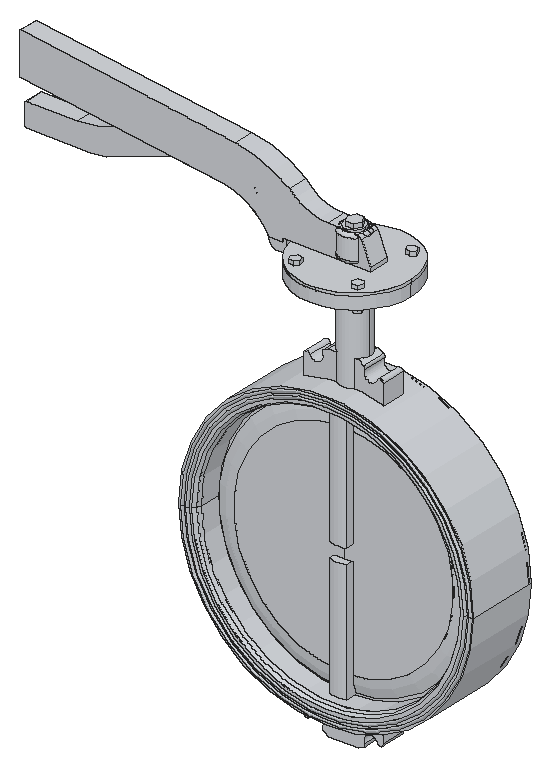
Revit family "R59WX015", category Plumbing Fixtures, Revit 2015
Reference planes
  plane 1 "Center (Front/Back)": y = 0
  plane 2: z = 0
  plane 3 "Center (Left/Right)": x = 0
  plane 4: z = 202
  plane 5: x = -260
  plane 6: z = 279
  plane 7: z = -132
  plane 8: z = -30
  plane 9: z = 232
  plane 10: y = -28.488
  plane 11: y = 28.012
Forms (mm)
  Extrusion 1, solid
    sketch origin (0, 0, 192) x (1, 0, 0) y (0, 1, 0)
      loop
        circle (0, 0) r 45
    from 0 to 10
  Extrusion 2, solid
    sketch origin (0, 0, -76.95) x (1, 0, 0) y (0, 1, 0)
      loop
        circle (0, 0) r 12
    from 189.916 to 268.95
  Revolve 3, solid
    sketch origin (0, 0, 0) x (0, 1, 0) y (0, 0, 1)
      loop
        line (11.11, 0) -> (-11.11, 0) -> (-11.11, -87.859)
        arc (-11.11, -87.859) -> (-10.226, -95.008) -> (-8, -101.859) r 37.743
        line (-8, -101.859) -> (-6, -101.859) -> (-6, -104.859) -> (0, -104.859) -> (6, -104.859) -> (6, -101.859) -> (8, -101.859)
        arc (8, -101.859) -> (10.226, -95.008) -> (11.11, -87.859) r 37.743
        line (11.11, -87.859) -> (11.11, 0)
      axis (11.11, 0) -> (-11.11, 0)
    angle from 0 to 360
  Blend 4, solid
    base sketch origin (0, 0, -4.163) x (1, 0, 0) y (0, 1, 0)
      loop
        line (-6.883, 16.4) -> (-6.883, -16.4)
        arc (-6.883, -16.4) -> (0, -18.078) -> (6.883, -16.4) r 14.953
        line (6.883, -16.4) -> (6.883, 16.4)
        arc (6.883, 16.4) -> (0, 18.078) -> (-6.883, 16.4) r 14.953
    top sketch origin (0, 0, 0) x (1, 0, 0) y (0, 1, 0)
      loop
        line (-6.883, 16.4) -> (-6.883, -16.4)
        arc (-6.883, -16.4) -> (0, -18.078) -> (6.883, -16.4) r 14.953
        line (6.883, -16.4) -> (6.883, 16.4)
        arc (6.883, 16.4) -> (0, 18.078) -> (-6.883, 16.4) r 14.953
    from 10.163 to 101.689
  Blend 5, solid
    base sketch origin (0, 0, -38.601) x (0, -1, 0) y (1, 0, 0)
      loop
        line (-16.4, -6.883) -> (16.4, -6.883)
        arc (16.4, -6.883) -> (18.078, 0) -> (16.4, 6.883) r 14.953
        line (16.4, 6.883) -> (-16.4, 6.883)
        arc (-16.4, 6.883) -> (-18.078, 0) -> (-16.4, -6.883) r 14.953
    top sketch origin (0, 0, -35.117) x (0, -1, 0) y (1, 0, 0)
      loop
        line (-16.4, -6.883) -> (16.4, -6.883)
        arc (16.4, -6.883) -> (18.078, 0) -> (16.4, 6.883) r 14.953
        line (16.4, 6.883) -> (-16.4, 6.883)
        arc (-16.4, 6.883) -> (-18.078, 0) -> (-16.4, -6.883) r 14.953
    from -63.702 to 29.117
  Extrusion 6, solid
    sketch origin (99.126, -27.447, 204) x (0, -1, 0) y (1, 0, 0)
      loop
        line (3.99, -123.113) -> (0.805, -120.344) -> (-3.184, -121.718) -> (-3.99, -125.86) -> (-0.805, -128.628) -> (3.184, -127.254) -> (3.99, -123.113)
    from 0 to 3
  Extrusion 7, solid
    sketch origin (99.126, -27.447, 184) x (0, -1, 0) y (1, 0, 0)
      loop
        circle (0, -124.486) r 3
    from 2.505 to 20
  Extrusion 8, solid
    sketch origin (99.126, -27.447, 191) x (0, -1, 0) y (1, 0, 0)
      loop
        line (3.99, -123.113) -> (0.805, -120.344) -> (-3.184, -121.718) -> (-3.99, -125.86) -> (-0.805, -128.628) -> (3.184, -127.254) -> (3.99, -123.113)
      loop
        line (-3.444, -125.672) -> (-0.695, -128.061) -> (2.749, -126.876) -> (3.444, -123.301) -> (0.695, -120.911) -> (-2.749, -122.097) -> (-3.444, -125.672)
    from -1.968 to 1
  Extrusion 9, solid, not visible
    sketch origin (26.117, -96.518, 104.233) x (0, -1, 0) y (1, 0, 0)
      loop
        line (3.99, -123.113) -> (0.805, -120.344) -> (-3.184, -121.718) -> (-3.99, -125.86) -> (-0.805, -128.628) -> (3.184, -127.254) -> (3.99, -123.113)
    from 0 to 3
  Extrusion 10, solid, not visible
    sketch origin (26.117, -96.518, 84.233) x (0, -1, 0) y (1, 0, 0)
      loop
        circle (0, -124.486) r 3
    from 2.505 to 20
  Extrusion 11, solid, not visible
    sketch origin (26.117, -96.518, 91.233) x (0, -1, 0) y (1, 0, 0)
      loop
        line (3.99, -123.113) -> (0.805, -120.344) -> (-3.184, -121.718) -> (-3.99, -125.86) -> (-0.805, -128.628) -> (3.184, -127.254) -> (3.99, -123.113)
      loop
        line (-3.444, -125.672) -> (-0.695, -128.061) -> (2.749, -126.876) -> (3.444, -123.301) -> (0.695, -120.911) -> (-2.749, -122.097) -> (-3.444, -125.672)
    from -1.968 to 1
  Extrusion 12, solid
    sketch origin (0, 0, 202) x (1, 0, 0) y (0, 1, 0)
      loop
        circle (0, 0) r 45
    from 0 to 2
  Extrusion 13, solid
    sketch origin (99.126, -27.447, 204) x (0, -1, 0) y (1, 0, 0)
      loop
        line (-58.884, -123.113) -> (-58.079, -127.254) -> (-54.09, -128.628) -> (-50.905, -125.86) -> (-51.71, -121.718) -> (-55.7, -120.344) -> (-58.884, -123.113)
    from 0 to 3
  Extrusion 14, solid
    sketch origin (99.126, -27.447, 184) x (0, -1, 0) y (1, 0, 0)
      loop
        circle (-54.895, -124.486) r 3
    from 2.505 to 20
  Extrusion 15, solid
    sketch origin (99.126, -27.447, 191) x (0, -1, 0) y (1, 0, 0)
      loop
        line (-58.884, -123.113) -> (-58.079, -127.254) -> (-54.09, -128.628) -> (-50.905, -125.86) -> (-51.71, -121.718) -> (-55.7, -120.344) -> (-58.884, -123.113)
      loop
        line (-51.451, -125.672) -> (-52.146, -122.097) -> (-55.59, -120.911) -> (-58.339, -123.301) -> (-57.644, -126.876) -> (-54.2, -128.061) -> (-51.451, -125.672)
    from -1.968 to 1
  Extrusion 16, solid
    sketch origin (-100.376, 27.447, 204) x (0, 1, 0) y (-1, 0, 0)
      loop
        line (-58.884, -123.113) -> (-58.079, -127.254) -> (-54.09, -128.628) -> (-50.905, -125.86) -> (-51.71, -121.718) -> (-55.7, -120.344) -> (-58.884, -123.113)
    from 0 to 3
  Extrusion 17, solid
    sketch origin (-100.376, 27.447, 184) x (0, 1, 0) y (-1, 0, 0)
      loop
        circle (-54.895, -124.486) r 3
    from 2.505 to 20
  Extrusion 18, solid
    sketch origin (-100.376, 27.447, 191) x (0, 1, 0) y (-1, 0, 0)
      loop
        line (-58.884, -123.113) -> (-58.079, -127.254) -> (-54.09, -128.628) -> (-50.905, -125.86) -> (-51.71, -121.718) -> (-55.7, -120.344) -> (-58.884, -123.113)
      loop
        line (-51.451, -125.672) -> (-52.146, -122.097) -> (-55.59, -120.911) -> (-58.339, -123.301) -> (-57.644, -126.876) -> (-54.2, -128.061) -> (-51.451, -125.672)
    from -1.968 to 1
  Extrusion 19, solid
    sketch origin (-100.376, 27.447, 204) x (0, 1, 0) y (-1, 0, 0)
      loop
        line (3.99, -123.113) -> (0.805, -120.344) -> (-3.184, -121.718) -> (-3.99, -125.86) -> (-0.805, -128.628) -> (3.184, -127.254) -> (3.99, -123.113)
    from 0 to 3
  Extrusion 20, solid
    sketch origin (-100.376, 27.447, 184) x (0, 1, 0) y (-1, 0, 0)
      loop
        circle (0, -124.486) r 3
    from 2.505 to 20
  Extrusion 21, solid
    sketch origin (-100.376, 27.447, 191) x (0, 1, 0) y (-1, 0, 0)
      loop
        line (3.99, -123.113) -> (0.805, -120.344) -> (-3.184, -121.718) -> (-3.99, -125.86) -> (-0.805, -128.628) -> (3.184, -127.254) -> (3.99, -123.113)
      loop
        line (-3.444, -125.672) -> (-0.695, -128.061) -> (2.749, -126.876) -> (3.444, -123.301) -> (0.695, -120.911) -> (-2.749, -122.097) -> (-3.444, -125.672)
    from -1.968 to 1
  Extrusion 22, solid
    sketch origin (125.063, -27.447, 229.144) x (0, -1, 0) y (1, 0, 0)
      loop
        line (-32.638, -122.069) -> (-32.638, -128.062) -> (-27.447, -131.059) -> (-22.257, -128.062) -> (-22.257, -122.069) -> (-27.447, -119.072) -> (-32.638, -122.069)
    from -1.014 to 2.856
  Extrusion 23, solid
    sketch origin (124.477, -54.895, 224.2) x (0, -1, 0) y (1, 0, 0)
      loop
        circle (-54.895, -124.486) r 8
    from -22.2 to 3.931
  Sweep 24, solid
    path origin (0, 0, 0) x (1, 0, 0) y (0, 0, 1)
      loop
        circle (0, 0) r 118
    profile origin (0, 0, -118) x (0, 0, 1) y (0, -1, 0)
      loop
        line (13.454, -22.173) -> (13.454, 22.649) -> (12.517, 26.146) -> (10.888, 28.488) -> (8.03, 28.488)
        arc (8.03, 28.488) -> (7.017, 29.502) -> (6.003, 28.488) r 1.014
        line (6.003, 28.488) -> (3.792, 28.488)
        arc (3.792, 28.488) -> (2.779, 29.502) -> (1.765, 28.488) r 1.014
        line (1.765, 28.488) -> (0, 28.488) -> (0, -28.012) -> (1.765, -28.012)
        arc (1.765, -28.012) -> (2.779, -29.026) -> (3.792, -28.012) r 1.014
        line (3.792, -28.012) -> (6.003, -28.012)
        arc (6.003, -28.012) -> (7.017, -29.026) -> (8.03, -28.012) r 1.014
        line (8.03, -28.012) -> (10.888, -28.012) -> (12.517, -25.67) -> (13.454, -22.173)
  Revolve 25, solid
    sketch origin (0, 0, 62) x (1, 0, 0) y (0, 0, 1)
      loop
        line (-9.486, 143.746) -> (0, 143.746) -> (0, 165) -> (-9.486, 165)
        arc (-9.486, 165) -> (-11.259, 164.265) -> (-11.994, 162.492) r 2.508
        line (-11.994, 162.492) -> (-11.994, 146.254)
        arc (-11.994, 146.254) -> (-11.259, 144.481) -> (-9.486, 143.746) r 2.508
      axis (0, 143.746) -> (0, 165)
    angle from 0 to 360
  Extrusion 26, solid
    sketch origin (-1.027, 45.948, -78.573) x (1, 0, 0) y (0, 0, 1)
      loop
        arc (-14.408, 305.574) -> (-31.009, 309.172) -> (-44.632, 319.319) r 40.102
        arc (-44.632, 319.319) -> (-64.682, 331.561) -> (-87.387, 337.59) r 81.686
        line (-87.387, 337.59) -> (-259.322, 357.495)
        arc (-259.322, 357.495) -> (-259.796, 357.345) -> (-260, 356.891) r 0.608
        line (-260, 356.891) -> (-260, 323.702) -> (-98.154, 304.965)
        arc (-98.154, 304.965) -> (-76.145, 296.857) -> (-60.289, 279.573) r 49.8
        line (-60.289, 279.573) -> (-50.289, 279.573) -> (-50.289, 282.573) -> (19.968, 282.573) -> (19.968, 285.573) -> (12.794, 303.329)
        arc (12.794, 303.329) -> (11.475, 304.959) -> (9.47, 305.574) r 3.591
        line (9.47, 305.574) -> (-14.408, 305.574)
    from 37.966 to 54.11
  Extrusion 27, solid
    sketch origin (-38.81, 45.948, -153.087) x (1, 0, 0) y (0, 0, 1)
      loop
        arc (-22.093, 349.062) -> (-20.549, 347.09) -> (-18.159, 346.344) r 4.207
        line (-18.159, 346.344) -> (-9.636, 346.344) -> (-9.636, 357.087) -> (-17.519, 357.087)
        arc (-17.519, 357.087) -> (-19.393, 357.527) -> (-20.874, 358.756) r 4.207
        line (-20.874, 358.756) -> (-36.673, 388.468)
        arc (-36.673, 388.468) -> (-42.926, 395.877) -> (-51.675, 400.052) r 23.006
        line (-51.675, 400.052) -> (-121.464, 408.132)
        arc (-121.464, 408.132) -> (-146.554, 389.335) -> (-177.106, 382.301) r 75.785
        line (-177.106, 382.301) -> (-217.214, 382.301)
        arc (-217.214, 382.301) -> (-218.486, 381.806) -> (-219.141, 380.609) r 1.995
        line (-219.141, 380.609) -> (-219.141, 365.458)
        arc (-219.141, 365.458) -> (-218.486, 364.261) -> (-217.214, 363.766) r 1.995
        line (-217.214, 363.766) -> (-165.969, 363.766)
        arc (-165.969, 363.766) -> (-159.476, 364.161) -> (-153.041, 365.112) r 75.785
        line (-153.041, 365.112) -> (-102.034, 383.677) -> (-60.442, 378.862)
        arc (-60.442, 378.862) -> (-37.124, 369.314) -> (-22.17, 349.033) r 46.662
    from 38.356 to 53.486
  Extrusion 28, solid
    sketch origin (-3.836, 0.293, -57.245) x (1, 0, 0) y (0, 0, 1)
      loop
        arc (18.871, -79.288) -> (19.767, -78.006) -> (19.652, -76.455) r 2.274
        arc (19.652, -76.455) -> (22.463, -69.087) -> (29.701, -72.217) r 5.458
        arc (29.701, -72.217) -> (32.458, -73.974) -> (34.596, -71.501) r 2.5
        line (34.596, -71.501) -> (34.596, -55.391)
        arc (34.596, -55.391) -> (2.811, -60.393) -> (-28.974, -55.391) r 103.488
        line (-28.974, -55.391) -> (-28.974, -71.501)
        arc (-28.974, -71.501) -> (-26.836, -73.974) -> (-24.079, -72.217) r 2.5
        arc (-24.079, -72.217) -> (-16.841, -69.087) -> (-14.03, -76.455) r 5.458
        arc (-14.03, -76.455) -> (-14.145, -78.006) -> (-13.249, -79.287) r 2.274
        arc (-13.249, -79.287) -> (-11.147, -80.588) -> (-8.94, -81.703) r 28.535
        line (-8.94, -81.703) -> (14.565, -81.703)
        arc (14.565, -81.703) -> (16.77, -80.589) -> (18.871, -79.288) r 28.535
    from -9.388 to 9.974
  Extrusion 29, solid
    sketch origin (-3.836, 0.293, 56.932) x (1, 0, 0) y (0, 0, 1)
      loop
        arc (18.871, 79.601) -> (16.77, 80.902) -> (14.565, 82.016) r 28.535
        line (14.565, 82.016) -> (-8.94, 82.016)
        arc (-8.94, 82.016) -> (-11.147, 80.901) -> (-13.249, 79.599) r 28.535
        arc (-13.249, 79.599) -> (-14.145, 78.319) -> (-14.03, 76.767) r 2.274
        arc (-14.03, 76.767) -> (-16.841, 69.4) -> (-24.079, 72.529) r 5.458
        arc (-24.079, 72.529) -> (-26.836, 74.287) -> (-28.974, 71.813) r 2.5
        line (-28.974, 71.813) -> (-28.974, 55.703)
        arc (-28.974, 55.703) -> (2.811, 60.705) -> (34.596, 55.703) r 103.488
        line (34.596, 55.703) -> (34.596, 71.813)
        arc (34.596, 71.813) -> (32.458, 74.287) -> (29.701, 72.529) r 2.5
        arc (29.701, 72.529) -> (22.463, 69.4) -> (19.652, 76.767) r 5.458
        arc (19.652, 76.767) -> (19.767, 78.319) -> (18.871, 79.601) r 2.274
    from -9.388 to 9.974
Dimensions and locks
  plane 2 to plane 4 = 202 mm
  plane 3 "Center (Left/Right)" to plane 5 = 260 mm
  level to plane 6 = 279 mm
  plane 7 to level = 132 mm
  locked: plane 4 to plane 9 at 30
  plane 11 to plane 10 = 56.5 mm
  aligned and locked: level to plane 2
